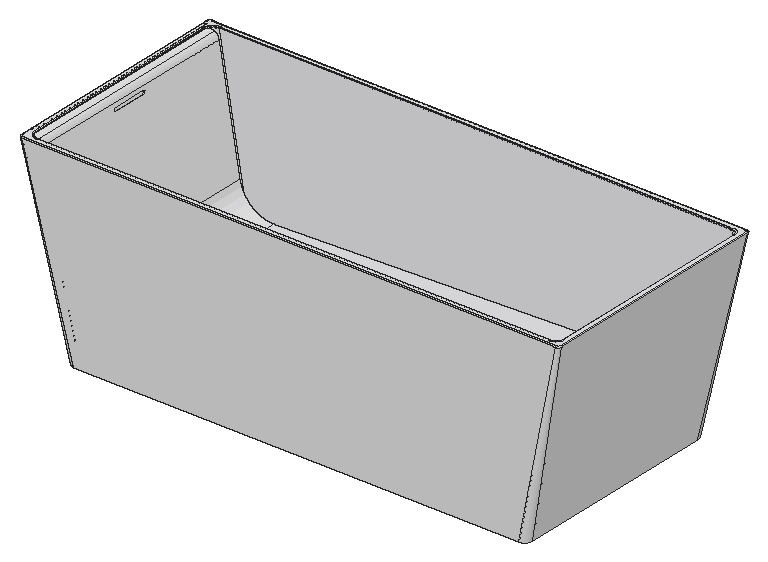
Revit family "Bath-Freestanding-KOHLER-EVOK-K-25314T", category Plumbing Fixtures, host Face, Revit 2021
Family settings
  Host = Face
  Round Connector Dimension = Use Diameter
  Part Type = Normal
  OmniClass Number = 23.31.15.00
  OmniClass Title = Bathtubs
  Cut with Voids When Loaded = No
  Shared = No
  Room Calculation Point = No
Parameters (values of type "0-White")
  Width = 29 133/256"  # constant formula
  WaterSense Certified = 1 = 0  # no
  Waste Water Outlet = "Waste Water Outlet"  # constant formula
  Waste Connection = 1 = 1  # yes
  Vent Connection = 1 = 0  # no
  URL = "http://www.kohler.com.cn/"
  Type = 1
  Product Page URL = "https://www.kohler.com.cn/product/K-25314T/K-25314T-0/"
  Product Name = "Evok"  # constant formula
  Product Documentation Link = "https://files.kohler.com.cn/pdfs/1590549890118_25314-sms.pdf"
  Model = "K-25314T-0"  # constant formula
  Material = "Lithocast"  # constant formula
  Master Format 2014 Name = "Residential Bathtubs"  # constant formula
  Master Format 2014 = "22 41 19"  # constant formula
  Manufacturer Address = "Kohler Beijing Office (100016)36-2-03-B, No. 88, Liuxiang Road, Beijing"  # constant formula
  Manufacturer = "Kohler Co."  # constant formula
  Length = 66 123/128"  # constant formula
  Hot Water Inlet = "Hot Water Inlet"  # constant formula
  Height = 24 27/128"  # constant formula
  HW Connection = 1 = 0  # no
  Finish = Kohler-Lithocast-0-White
  Environmental Product Declaration = ""
  Drain Included = 1 = 1  # yes
  Description = "1.7m rectangular beautiful stone bathtub (including drainage)"  # constant formula
  Default Elevation = 0"
  Declare Label = ""
  Date Modified = "05/11/2023"  # constant formula
  Date Created = "05/11/2023"  # constant formula
  Copyright = "Copyright Kohler Co."  # constant formula
  Contact Us = "http://www.kohler.com.cn/contact/contact-us/"
  Cold Water Inlet = "Cold Water Inlet"  # constant formula
  CW Connection = 1 = 0  # no
  Assembly Code = "D2010500"
  ADA Compliant = 1 = 0  # no
Reference planes (in)
  plane 1 "Center (Front/Back)": y = 0
  plane 2: z = 0
  plane 3 "Center (Left/Right)": x = 0
  plane 4: x = -33.480315
  plane 5: y = 14.7596887
  plane 6: y = 14.0511811
  plane 7: y = 13.4133858
  plane 8: x = -32.7519685
  plane 9: x = -30.8867159
  plane 10: x = -19.7165354
  plane 11: x = 33.4806225
  plane 12: x = 32.7519685
  plane 13: x = 27.7156463
  plane 14: y = -14.7598425
  plane 15: y = -14.0511811
  plane 16: y = -13.4133858
  plane 17: z = 24.2109375
  plane 18: z = 2.7559055
  plane 19: z = 22.2424336
  plane 20: z = 0.1968504
Dimensions and locks (in)
  "Width": plane 14 to plane 5
  plane 14 to plane 1 "Center (Front/Back)" = 14.75984"
  plane 4 to plane 10 = 13.76378"
  "Length": plane 4 to plane 11
  plane 4 to plane 8 = 0.72835"
  plane 8 to plane 12 = 65.50394"
  plane 9 to plane 13 = 58.60236"
  plane 16 to plane 7 = 26.82677"
  plane 15 to plane 6 = 28.10236"
  "Height": plane 17 to level
  plane 17 to plane 19 = 1.9685"
  plane 18 to level = 2.75591"
  plane 20 to level = 0.19685"
  aligned and locked: plane 2 to host face
  aligned and locked: level to host face
  aligned and locked: plane 3 "Center (Left/Right)" to nested 1
  aligned and locked: plane 1 "Center (Front/Back)" to nested 1
Automatic sketch dimensions
  host sketch curve to host sketch curve = 96"  (x2)
Nested families (in)
  nested 1: "K-25314T" at (0, 0, 0), type "K-25314T"
Connectors (in)
  piping at (-19.7165354, 0, 2.7559055), diameter 1.0234375, driven by "Waste Connection", driven by "Waste Water Outlet"
    settings: on nested 1, index 1, connector inside diameter 24", connector length 0", flow factor 0, pipe flow 0 GPM, pressure drop 0.00 psi, fitting loss kfactor 0, connector angle 0.00°, fixture units 0, engagement length 0", angle of deflection 0.00°, flow configuration 0, flow direction 2, fitting loss method 0, system type 16, joint type 0, gender type 0, connector reference index -1, connector utility 1, adjustable connector no, is connector primary yes, connector description "Waste Water Outlet"
Definition of nested family "K-25314T"
  Parameters (values of type "K-25314T")
    Material = none
    Finish = none
    Default Elevation = 0"
  Reference planes (in)
    plane 1 "Center (Front/Back)": y = 0
    plane 2: z = 0
    plane 3 "Center (Left/Right)": x = 0
    plane 4: x = -33.480315
    plane 5: x = 33.480315
    plane 6: y = 14.7598425
    plane 7: y = -14.7598425
    plane 8: x = -32.7519685
    plane 9: x = 32.7519685
    plane 10: x = -19.7165354
    plane 11: y = 13.4133858
    plane 12: y = 14.0511811
    plane 13: y = -13.4133858
    plane 14: y = -14.0511811
    plane 15: x = 27.7156463
    plane 16: x = -30.8867159
    plane 17: z = 24.2125984
    plane 18 "A": through (-31.8069736, -180, 22.9178901) normal (0.9781, 0, 0.2079)
    plane 19 "B": through (-24.4109478, -180, 5.3039783) normal (-0.0334, 0, 0.9994)
    plane 20: z = 2.7559055
  Forms (in)
    Blend 1, solid, material <- "Material", detail levels medium+fine
      base sketch origin (0, 0, 0) x (1, 0, 0) y (0, 1, 0)
        loop
          arc (33.3858737, 14.3673404) -> (33.2709847, 14.644707) -> (32.993618, 14.7595961) r 0.3922557
          line (32.993618, 14.7595961) -> (-33.1826872, 14.7595961)
          arc (-33.1826872, 14.7595961) -> (-33.4579839, 14.6455645) -> (-33.5720155, 14.3702678) r 0.3893283
          line (-33.5720155, 14.3702678) -> (-33.5720155, -14.3694243)
          arc (-33.5720155, -14.3694243) -> (-33.4581295, -14.6443694) -> (-33.1831844, -14.7582554) r 0.3888311
          line (-33.1831844, -14.7582554) -> (32.9964077, -14.7582554)
          arc (32.9964077, -14.7582554) -> (33.2718018, -14.6441835) -> (33.3858737, -14.3687894) r 0.389466
          line (33.3858737, -14.3687894) -> (33.3858737, 14.3673404)
      top sketch origin (0, 0, 0) x (1, 0, 0) y (0, 1, 0)
        loop
          arc (-27.5033281, 13.7585396) -> (-28.1992993, 13.4702588) -> (-28.48758, 12.7742876) r 0.984252
          line (-28.48758, 12.7742876) -> (-28.48758, -12.7799654)
          arc (-28.48758, -12.7799654) -> (-28.1992993, -13.4759367) -> (-27.5033281, -13.7642174) r 0.984252
          line (-27.5033281, -13.7642174) -> (27.5187959, -13.7642174)
          arc (27.5187959, -13.7642174) -> (28.2147671, -13.4759367) -> (28.5030478, -12.7799654) r 0.984252
          line (28.5030478, -12.7799654) -> (28.5030478, 12.7742876)
          arc (28.5030478, 12.7742876) -> (28.2147671, 13.4702588) -> (27.5187959, 13.7585396) r 0.984252
          line (27.5187959, 13.7585396) -> (-27.5033281, 13.7585396)
      from 24.1153163 to 0.1968504
    Blend 2, void
      base sketch origin (0, 0, 0) x (1, 0, 0) y (0, 1, 0)
        loop
          line (32.6627331, -13.300621) -> (32.6627331, 13.2287303)
          arc (32.6627331, 13.2287303) -> (32.4237266, 13.8057431) -> (31.8467138, 14.0447496) r 0.8160193
          line (31.8467138, 14.0447496) -> (-31.8467138, 14.0447496)
          arc (-31.8467138, 14.0447496) -> (-32.5486719, 13.753989) -> (-32.8394325, 13.0520309) r 0.9927187
          line (-32.8394325, 13.0520309) -> (-32.8394325, -13.050621)
          arc (-32.8394325, -13.050621) -> (-32.5486719, -13.7525791) -> (-31.8467138, -14.0433396) r 0.9927187
          line (-31.8467138, -14.0433396) -> (31.9200144, -14.0433396)
          arc (31.9200144, -14.0433396) -> (32.4451958, -13.8258024) -> (32.6627331, -13.300621) r 0.7427187
      top sketch origin (0, 0, 0) x (1, 0, 0) y (0, 1, 0)
        loop
          line (-27.2056136, -13.2165354) -> (27.3219455, -13.2165354)
          arc (27.3219455, -13.2165354) -> (28.0179167, -12.9282547) -> (28.3061974, -12.2322835) r 0.984252
          line (28.3061974, -12.2322835) -> (28.3061974, 12.2322835)
          arc (28.3061974, 12.2322835) -> (28.0179167, 12.9282547) -> (27.3219455, 13.2165354) r 0.984252
          line (27.3219455, 13.2165354) -> (-27.2056136, 13.2165354)
          arc (-27.2056136, 13.2165354) -> (-27.9015848, 12.9282547) -> (-28.1898656, 12.2322835) r 0.984252
          line (-28.1898656, 12.2322835) -> (-28.1898656, -12.2322835)
          arc (-28.1898656, -12.2322835) -> (-27.9015848, -12.9282547) -> (-27.2056136, -13.2165354) r 0.984252
      from 24.1153163 to 2.3443308
    Extrusion 3, solid, material <- "Material", detail levels medium+fine
      sketch origin (0, 0, 0) x (1, 0, 0) y (0, 0, 1)
        loop
          arc (-24.4109478, 5.3039783) -> (-27.2243734, 6.2216437) -> (-28.7916164, 8.7318673) r 4.3307087
          line (-28.7916164, 8.7318673) -> (-31.8031562, 22.9000484)
          arc (-31.8031562, 22.9000484) -> (-31.958383, 23.3359642) -> (-32.2224784, 23.7159269) r 1.749251
          arc (-32.2224784, 23.7159269) -> (-32.7816897, 24.1004078) -> (-33.4531558, 24.1987748) r 1.4984448
          line (-33.4531558, 24.1987748) -> (-29.6590918, 7.8328132)
          arc (-29.6590918, 7.8328132) -> (-28.293318, 5.7108994) -> (-25.8906825, 4.9394081) r 3.7401575
          line (-25.8906825, 4.9394081) -> (27.4065012, 6.7199191)
          arc (27.4065012, 6.7199191) -> (29.1410738, 7.3766793) -> (30.1132742, 8.9562054) r 2.8740157
          line (30.1132742, 8.9562054) -> (30.436775, 10.3815275) -> (30.2051673, 10.3815275) -> (29.8981871, 9.0289935)
          arc (29.8981871, 9.0289935) -> (29.0325292, 7.6225661) -> (27.4880467, 7.0377797) r 2.5590551
          line (27.4880467, 7.0377797) -> (-24.4109478, 5.3039783)
      from -17.8027135 to 19.3184066
    Extrusion 4, void
      sketch origin (0, 0, 0) x (0, 1, 0) y (0, 0, 1)
        loop
          line (14.7327076, 32.5180793) -> (13.2165354, 2.3443308) -> (-13.2165354, 2.3443308) -> (-14.5645547, 29.1716226) -> (-25.515748, 29.1716226) -> (-25.515748, -3.7023931) -> (20.1535433, -3.7023931) -> (20.1535433, 32.5180793) -> (14.7327076, 32.5180793)
      from -36.7345585 to 38.3776743
    Blend 5, void
      base sketch origin (0, 0, 0) x (1, 0, 0) y (0, 1, 0)
        loop
          line (-32.2657241, 14.6986521) -> (-34.0373777, 14.6986521) -> (-34.0373777, 12.8826332) -> (-33.4450606, 12.8826332)
          arc (-33.4450606, 12.8826332) -> (-33.2131754, 14.0229897) -> (-32.2657241, 14.6986521) r 1.5871545
      top sketch origin (0, 0, 0) x (1, 0, 0) y (0, 1, 0)
        loop
          line (-30.0890789, 14.4005) -> (-30.8764804, 14.4005) -> (-30.8764804, 13.5675739) -> (-30.5644754, 13.5675739)
          arc (-30.5644754, 13.5675739) -> (-30.3884301, 14.0192257) -> (-30.0890789, 14.4005) r 1.6550711
      from 24.8720937 to 9.8425197
    Blend 6, void
      base sketch origin (0, 0, 0) x (1, 0, 0) y (0, 1, 0)
        loop
          arc (-32.2657241, -14.6986521) -> (-33.2131754, -14.0229897) -> (-33.4450606, -12.8826332) r 1.5871545
          line (-33.4450606, -12.8826332) -> (-34.0373777, -12.8826332) -> (-34.0373777, -14.6986521) -> (-32.2657241, -14.6986521)
      top sketch origin (0, 0, 0) x (1, 0, 0) y (0, 1, 0)
        loop
          arc (-30.0890789, -14.4005) -> (-30.3884301, -14.0192257) -> (-30.5644754, -13.5675739) r 1.6550711
          line (-30.5644754, -13.5675739) -> (-30.8764804, -13.5675739) -> (-30.8764804, -14.4005) -> (-30.0890789, -14.4005)
      from 24.8720937 to 9.8425197
    Extrusion 7, void
      sketch origin (-25.7712721, 0, -5.477853) x (-0.207912, 0, 0.978148) y (0, -1, 0)
        loop
          arc (28.5784906, 2.1561329) -> (28.3322523, 2.4023713) -> (28.086014, 2.1561329) r 0.2462383
          line (28.086014, 2.1561329) -> (28.086014, -2.1618935)
          arc (28.086014, -2.1618935) -> (28.3322523, -2.4081318) -> (28.5784906, -2.1618935) r 0.2462383
          line (28.5784906, -2.1618935) -> (28.5784906, 2.1561329)
      from -0.2968725 to 0.7786939
    Revolve 8, void
      sketch origin (0, 0, 0) x (1, 0, 0) y (0, 0, 1)
        loop
          line (-22.3767224, 4.958943) -> (-21.1660925, 4.958943) -> (-21.1417381, 4.2299276) -> (-19.6770499, 4.2788587) -> (-19.7165354, 5.4608055) -> (-22.5801454, 5.3651403)
          arc (-22.5801454, 5.3651403) -> (-22.4367221, 5.3098986) -> (-22.3767224, 5.1683996) r 0.1968504
          line (-22.3767224, 5.1683996) -> (-22.3767224, 4.958943)
        axis (-19.6770499, 4.2788587) -> (-19.7165354, 5.4608055)
      angle from 0 to 360
    Revolve 9, solid, material <- "Material", detail levels medium+fine
      sketch origin (0, 0, 0) x (1, 0, 0) y (0, 0, 1)
        loop
          line (-19.7192421, 2.2315515) -> (-19.7192421, 5.4258707) -> (-22.2480473, 5.4258707)
          arc (-22.2480473, 5.4258707) -> (-22.294868, 5.406477) -> (-22.3142618, 5.3596562) r 0.0662145
          line (-22.3142618, 5.3596562) -> (-22.3142618, 5.2241334)
          arc (-22.3142618, 5.2241334) -> (-22.2930772, 5.1729894) -> (-22.2419332, 5.1518048) r 0.0723285
          line (-22.2419332, 5.1518048) -> (-20.6943458, 5.1518048) -> (-20.6943458, 4.7164539) -> (-20.0681452, 4.7164539) -> (-20.0681452, 2.2315515) -> (-19.7192421, 2.2315515)
        axis (-19.7192421, 2.2315515) -> (-19.7192421, 5.4258707)
      angle from 0 to 360
    Extrusion 10, void
      sketch origin (0, 0, 0) x (1, 0, 0) y (0, 1, 0)
        loop
          arc (-28.0938792, -12.1894143) -> (-27.9209108, -12.606997) -> (-27.5033281, -12.7799654) r 0.5905512
          line (-27.5033281, -12.7799654) -> (27.5187959, -12.7799654)
          arc (27.5187959, -12.7799654) -> (27.9363786, -12.606997) -> (28.109347, -12.1894143) r 0.5905512
          line (28.109347, -12.1894143) -> (28.109347, 12.1837364)
          arc (28.109347, 12.1837364) -> (27.9363786, 12.6013192) -> (27.5187959, 12.7742876) r 0.5905512
          line (27.5187959, 12.7742876) -> (-27.5033281, 12.7742876)
          arc (-27.5033281, 12.7742876) -> (-27.9209108, 12.6013192) -> (-28.0938792, 12.1837364) r 0.5905512
          line (-28.0938792, 12.1837364) -> (-28.0938792, -12.1894143)
      from -2.3043201 to 4.1675529
    Extrusion 11, void
      sketch origin (0, 0, 0) x (1, 0, 0) y (0, 0, 1)
        loop
          line (-24.4708982, 2.7559055) -> (-24.4708982, 1.5748031) -> (-14.6283785, 1.5748031) -> (-14.6283785, 2.7559055) -> (-24.4708982, 2.7559055)
      from -4.0044004 to 9.8425197
    Extrusion 12, solid, material <- "Material", detail levels medium+fine
      sketch origin (0, 0, 0) x (1, 0, 0) y (0, 1, 0)
        loop
          line (-19.7192421, -8.6614173) -> (-16.9633366, -8.6614173) -> (-16.9633366, -5.9055118) -> (-19.7192421, -5.9055118) -> (-19.7192421, -8.6614173)
        loop
          line (-19.7192421, 5.9055118) -> (-16.9633366, 5.9055118) -> (-16.9633366, 8.6614173) -> (-19.7192421, 8.6614173) -> (-19.7192421, 5.9055118)
        loop
          line (11.7768209, -8.6614173) -> (14.5327264, -8.6614173) -> (14.5327264, -5.9055118) -> (11.7768209, -5.9055118) -> (11.7768209, -8.6614173)
        loop
          line (11.7768209, 5.9055118) -> (14.5327264, 5.9055118) -> (14.5327264, 8.6614173) -> (11.7768209, 8.6614173) -> (11.7768209, 5.9055118)
      from 0 to 9.4477087
    Extrusion 13, void
      sketch origin (0, 0, 0) x (1, 0, 0) y (0, 0, 1)
        loop
          line (-23.3694698, 5.0236348) -> (22.2912446, 6.5490326) -> (22.2912446, 10.8267717) -> (-23.3694698, 10.8267717) -> (-23.3694698, 5.0236348)
      from -10.3854298 to 9.8425197
    Blend 14, solid, material <- "Material", detail levels coarse
      base sketch origin (0, 0, 0) x (1, 0, 0) y (0, 1, 0)
        loop
          line (-33.480315, 14.7598425) -> (-33.480315, -14.7598425) -> (33.480315, -14.7598425) -> (33.480315, 14.7598425) -> (-33.480315, 14.7598425)
      top sketch origin (0, 0, 0) x (1, 0, 0) y (0, 1, 0)
        loop
          line (28.5030478, -13.7642174) -> (28.5030478, 13.7585396) -> (-28.48758, 13.7585396) -> (-28.48758, -13.7642174) -> (28.5030478, -13.7642174)
      from 24.2125984 to 0
    Blend 15, void
      base sketch origin (0, 0, 0) x (1, 0, 0) y (0, 1, 0)
        loop
          line (32.6627331, 13.9724409) -> (-32.2905868, 13.9724409) -> (-32.2905868, -13.9724409) -> (32.6627331, -13.9724409) -> (32.6627331, 13.9724409)
      top sketch origin (0, 0, 0) x (1, 0, 0) y (0, 1, 0)
        loop
          line (-28.0938792, 13.3648388) -> (-28.0938792, -13.3705166) -> (28.109347, -13.3705166) -> (28.109347, 13.3648388) -> (-28.0938792, 13.3648388)
      from 24.2125984 to 5.1518048
    Extrusion 16, solid, material <- "Material", detail levels medium+fine
      sketch origin (0, 0, 0) x (1, 0, 0) y (0, 1, 0)
        loop
          circle (-19.7165354, 0) r 0.1968504
      from 2.7559055 to 2.8788266
    Extrusion 17, solid, material <- "Material", detail levels medium+fine
      sketch origin (0, 0, 0) x (1, 0, 0) y (0, 1, 0)
        loop
          arc (-19.796357, -3.5434954) -> (-16.2530499, -0.0001883) -> (-19.796357, 3.5431188) r 3.5433071
          line (-19.796357, 3.5431188) -> (-28.7472797, 3.5431188) -> (-28.7472797, -3.5434954) -> (-19.796357, -3.5434954)
      from 2.8788266 to 4.9101766
    Sweep 18, solid, material <- "Material", detail levels medium+fine
      path origin (-0.0950932, 0.000705, 0) x (1, 0, 0) y (0, 1, 0)
        loop
          arc (-31.7516206, 14.051326) -> (-32.4587274, 13.7584327) -> (-32.7516206, 13.051326) r 1
          line (-32.7516206, 13.051326) -> (-32.7516206, -13.051326)
          arc (-32.7516206, -13.051326) -> (-32.4587274, -13.7584327) -> (-31.7516206, -14.051326) r 1
          line (-31.7516206, -14.051326) -> (32.0151076, -14.051326)
          arc (32.0151076, -14.051326) -> (32.5454377, -13.831656) -> (32.7651076, -13.301326) r 0.75
          line (32.7651076, -13.301326) -> (32.7651076, 13.2280253)
          arc (32.7651076, 13.2280253) -> (32.5239684, 13.8101868) -> (31.941807, 14.051326) r 0.8233006
          line (31.941807, 14.051326) -> (-31.7516206, 14.051326)
      profile origin (32.6700144, -0.0359453, 0) x (1, 0, 0) y (0, 0, 1)
        loop
          line (0, 24.1500249) -> (-0.0072813, 24.1153163) -> (0.3505266, 24.1153163) -> (0.3505266, 24.2125984) -> (0.0770627, 24.2125984)
          arc (0.0770627, 24.2125984) -> (0.0274287, 24.1949851) -> (0, 24.1500249) r 0.0787402
    Sweep 19, solid, material <- "Material", detail levels medium+fine
      path origin (-0.0950932, 0.000705, 0) x (1, 0, 0) y (0, 1, 0)
        loop
          arc (-33.087594, 14.7603363) -> (-33.3639126, 14.6458814) -> (-33.4783675, 14.3695629) r 0.3907735
          line (-33.4783675, 14.3695629) -> (-33.4783675, -14.3701293)
          arc (-33.4783675, -14.3701293) -> (-33.3640582, -14.6460963) -> (-33.0880912, -14.7604056) r 0.3902763
          line (-33.0880912, -14.7604056) -> (33.0915009, -14.7604056)
          arc (33.0915009, -14.7604056) -> (33.3679169, -14.6459104) -> (33.4824121, -14.3694944) r 0.3909112
          line (33.4824121, -14.3694944) -> (33.4824121, 14.3666354)
          arc (33.4824121, 14.3666354) -> (33.3670998, 14.645024) -> (33.0887112, 14.7603363) r 0.3937009
          line (33.0887112, 14.7603363) -> (-33.087594, 14.7603363)
      profile origin (33.387319, -0.0007245, 0) x (1, 0, 0) y (0, 0, 1)
        loop
          line (-0.1461088, 24.2125984) -> (-0.1461088, 24.1153163) -> (-0.0015902, 24.1153163)
          arc (-0.0015902, 24.1153163) -> (-0.0175392, 24.1827139) -> (-0.080019, 24.2125984) r 0.0802556
          line (-0.080019, 24.2125984) -> (-0.1461088, 24.2125984)
    Extrusion 20, solid, material <- "Material", detail levels medium+fine
      sketch origin (-0.0950932, 0.000705, 0) x (1, 0, 0) y (0, 1, 0)
        loop
          arc (33.3363034, 14.3666354) -> (33.2637853, 14.5417095) -> (33.0887112, 14.6142276) r 0.2475922
          line (33.0887112, 14.6142276) -> (-33.087594, 14.6142276)
          arc (-33.087594, 14.6142276) -> (-33.2605981, 14.542567) -> (-33.3322588, 14.3695629) r 0.2446647
          line (-33.3322588, 14.3695629) -> (-33.3322588, -14.3701293)
          arc (-33.3322588, -14.3701293) -> (-33.2607437, -14.5427818) -> (-33.0880912, -14.6142968) r 0.2441676
          line (-33.0880912, -14.6142968) -> (33.0915009, -14.6142968)
          arc (33.0915009, -14.6142968) -> (33.2646024, -14.5425959) -> (33.3363034, -14.3694944) r 0.2448025
          line (33.3363034, -14.3694944) -> (33.3363034, 14.3666354)
        loop
          arc (33.1156342, 13.2280253) -> (32.7718281, 14.0580465) -> (31.941807, 14.4018525) r 1.1738272
          line (31.941807, 14.4018525) -> (-31.7516206, 14.4018525)
          arc (-31.7516206, 14.4018525) -> (-32.7065871, 14.0062924) -> (-33.1021472, 13.051326) r 1.3505266
          line (-33.1021472, 13.051326) -> (-33.1021472, -13.051326)
          arc (-33.1021472, -13.051326) -> (-32.7065871, -14.0062924) -> (-31.7516206, -14.4018525) r 1.3505266
          line (-31.7516206, -14.4018525) -> (32.0151076, -14.4018525)
          arc (32.0151076, -14.4018525) -> (32.7932974, -14.0795158) -> (33.1156342, -13.301326) r 1.1005266
          line (33.1156342, -13.301326) -> (33.1156342, 13.2280253)
      from 24.1153163 to 24.2125984
  Cuts and joins
    Blend 2, Extrusion 10 cuts Blend 1
    Extrusion 4, Blend 5, Blend 6, Extrusion 7, Revolve 8 cuts Extrusion 3
    Extrusion 11 cuts Revolve 9
    Extrusion 13 cuts Extrusion 12
    joined: Extrusion 12, Sweep 18, Sweep 19, Extrusion 20
    Blend 15 cuts Blend 14
  Lines and regions (in)
    Masking region 1
      outline origin (0, 0, 0) x (1, 0, 0) y (0, 1, 0)
        loop
          arc (-32.496063, 14.7598425) -> (-33.1920342, 14.4715618) -> (-33.480315, 13.7755906) r 0.984252
          line (-33.480315, 13.7755906) -> (-33.480315, -13.7755906)
          arc (-33.480315, -13.7755906) -> (-33.1920342, -14.4715618) -> (-32.496063, -14.7598425) r 0.984252
          line (-32.496063, -14.7598425) -> (32.496063, -14.7598425)
          arc (32.496063, -14.7598425) -> (33.1920342, -14.4715618) -> (33.480315, -13.7755906) r 0.984252
          line (33.480315, -13.7755906) -> (33.480315, 13.7755906)
          arc (33.480315, 13.7755906) -> (33.1920342, 14.4715618) -> (32.496063, 14.7598425) r 0.984252
          line (32.496063, 14.7598425) -> (-32.496063, 14.7598425)
    Masking region 2
      outline origin (0, 0, 0) x (1, 0, 0) y (0, 0, 1)
        loop
          line (-33.4791905, 24.1280793) -> (-28.48758, 0.1968504) -> (-19.7165354, 0.1968504) -> (-19.7165354, 0) -> (-16.9633366, 0) -> (-16.9633366, 0.1968504) -> (11.7768209, 0.1968504) -> (11.7768209, 0) -> (14.5327264, 0) -> (14.5327264, 0.1968504) -> (28.5030478, 0.1968504) -> (33.4784346, 24.1085322)
          arc (33.4784346, 24.1085322) -> (33.4608637, 24.1806956) -> (33.3937929, 24.2125984) r 0.0864545
          line (33.3937929, 24.2125984) -> (-33.4104815, 24.2125984)
          arc (-33.4104815, 24.2125984) -> (-33.4649435, 24.186685) -> (-33.4791905, 24.1280793) r 0.0701877
    Masking region 3
      outline origin (0, 0, 0) x (0, 1, 0) y (0, 0, 1)
        loop
          line (14.5382845, 24.2125984) -> (-14.5382845, 24.2125984)
          arc (-14.5382845, 24.2125984) -> (-14.6979228, 24.1445106) -> (-14.7592784, 23.9821659) r 0.2211872
          line (-14.7592784, 23.9821659) -> (-13.7642174, 0.1968504) -> (-8.6614173, 0.1968504) -> (-8.6614173, 0) -> (-5.9055118, 0) -> (-5.9055118, 0.1968504) -> (5.9055118, 0.1968504) -> (5.9055118, 0) -> (8.6614173, 0) -> (8.6614173, 0.1968504) -> (13.7642174, 0.1968504) -> (14.7592784, 23.9821659)
          arc (14.7592784, 23.9821659) -> (14.6979228, 24.1445106) -> (14.5382845, 24.2125984) r 0.2211872
    symbolic lines, detail levels medium+fine
      curve 1: line (-19.7165354, 0, 0.1968504) -> (-16.9633366, 0, 0.1968504)
      curve 2: line (14.5327264, 0, 0.1968504) -> (11.7768209, 0, 0.1968504)
      curve 3: line (0, 8.6614173, 0.1968504) -> (0, 5.9055118, 0.1968504)
      curve 4: line (0, -8.6614173, 0.1968504) -> (0, -5.9055118, 0.1968504)
      curve 5: arc (-32.496063, 14.0511042, 0) -> (-32.6770155, 13.9761512, 0) -> (-32.7519685, 13.7951987, 0) r 0.2559055
      curve 6: line (-32.7519685, 13.7951987, 0) -> (-32.7519685, -13.7940453, 0)
      curve 7: arc (-32.7519685, -13.7940453, 0) -> (-32.6770155, -13.9749978, 0) -> (-32.496063, -14.0499508, 0) r 0.2559055
      curve 8: line (-32.496063, -14.0499508, 0) -> (32.4479869, -14.0499508, 0)
      curve 9: line (32.7519685, -13.7459692, 0) -> (32.7519685, 13.7755906, 0)
      curve 10: arc (32.7519685, 13.7755906, 0) -> (32.6770155, 13.9565431, 0) -> (32.496063, 14.0314961, 0) r 0.2559055
      curve 11: line (32.496063, 14.0511042, 0) -> (-32.496063, 14.0511042, 0)
      curve 13: spline (-19.7027539, 2.6754603, 0) -> (-19.0106799, 2.5842962, 0) -> (-18.3657696, 2.3170166, 0) -> (-17.8119725, 1.8918361, 0) -> (-17.3870291, 1.3377301, 0) -> (-17.1198985, 0.6924601, 0) -> (-17.0287853, 0, 0) -> (-17.1198985, -0.6924601, 0) -> (-17.3870291, -1.3377301, 0) -> (-17.8119725, -1.8918361, 0) -> (-18.3657696, -2.3170166, 0) -> (-19.0106799, -2.5842962, 0) -> (-19.7027539, -2.6754603, 0) -> (-20.3948279, -2.5842962, 0) -> (-21.0397382, -2.3170166, 0) -> (-21.5935352, -1.8918361, 0) -> (-22.0184786, -1.3377301, 0) -> (-22.2856092, -0.6924601, 0) -> (-22.3767224, 0, 0) -> (-22.2856092, 0.6924601, 0) -> (-22.0184786, 1.3377301, 0) -> (-21.5935352, 1.8918361, 0) -> (-21.0397382, 2.3170166, 0) -> (-20.3948279, 2.5842962, 0) -> (-19.7027539, 2.6754603, 0)
      curve 22: line (-29.902464, 13.4133858, 0) -> (-29.902464, -13.4133858, 0)
      curve 23: line (-30.8867159, 12.4291339, 0) -> (27.7156463, 12.4291339, 0)
      curve 24: line (26.7313943, 13.4133858, 0) -> (26.7313943, -13.4133858, 0)
      curve 25: line (27.7156463, -12.4291339, 0) -> (-30.8867159, -12.4291339, 0)
      curve 26: line (26.7313943, 13.4133858, 0) -> (32.496063, 14.0314961, 0)
      curve 27: line (27.7156463, 12.4291339, 0) -> (32.7519685, 13.7755906, 0)
      curve 28: line (27.7156463, -12.4291339, 0) -> (32.7519685, -13.7755906, 0)
      curve 29: line (26.7313943, -13.4133858, 0) -> (32.4703425, -14.0491276, 0)
      curve 30: line (-32.1614173, 13.4133858, 0) -> (-32.1614173, -13.4133858, 0)
      curve 31: line (-29.902464, 13.4133858, 0) -> (-31.6807322, 14.0511042, 0)
      curve 32: line (-30.8867159, 12.4291339, 0) -> (-32.1614173, 13.4133858, 0)
      curve 33: line (-32.1614173, 13.4133858, 0) -> (-32.7519685, 13.5175159, 0)
      curve 34: line (-30.8867159, -12.4291339, 0) -> (-32.1614173, -13.4133858, 0)
      curve 35: line (-32.1614173, -13.4133858, 0) -> (-32.7519685, -13.5175159, 0)
      curve 36: line (-29.902464, -13.4133858, 0) -> (-31.6828223, -14.0499508, 0)
      curve 37: arc (-32.1614173, -13.4133858, 0) -> (-32.0284221, -13.8115906, 0) -> (-31.6828223, -14.0499508, 0) r 0.6626355
      curve 38: arc (-31.6807322, 14.0511042, 0) -> (-32.0277866, 13.8126799, 0) -> (-32.1614173, 13.4133858, 0) r 0.6633687
      curve 43: arc (32.4479869, -14.0499508, 0) -> (32.6629344, -13.9609166, 0) -> (32.7519685, -13.7459692, 0) r 0.3039816
    symbolic lines
      curve 12: spline (-19.7060193, 2.9527559, 0) -> (-20.4698227, 2.8521432, 0) -> (-21.1815741, 2.5571616, 0) -> (-21.7927689, 2.0879137, 0) -> (-22.2617552, 1.476378, 0) -> (-22.5565723, 0.7642295, 0) -> (-22.6571289, 0, 0) -> (-22.5565723, -0.7642295, 0) -> (-22.2617552, -1.476378, 0) -> (-21.7927689, -2.0879137, 0) -> (-21.1815741, -2.5571616, 0) -> (-20.4698227, -2.8521432, 0) -> (-19.7060193, -2.9527559, 0) -> (-18.942216, -2.8521432, 0) -> (-18.2304645, -2.5571616, 0) -> (-17.6192697, -2.0879137, 0) -> (-17.1502835, -1.476378, 0) -> (-16.8554664, -0.7642295, 0) -> (-16.7549098, 0, 0) -> (-16.8554664, 0.7642295, 0) -> (-17.1502835, 1.476378, 0) -> (-17.6192697, 2.0879137, 0) -> (-18.2304645, 2.5571616, 0) -> (-18.942216, 2.8521432, 0) -> (-19.7060193, 2.9527559, 0)
      curve 14: line (-29.902464, 13.4133858, 0) -> (26.7313943, 13.4133858, 0)
      curve 15: line (-30.8867159, -12.4291339, 0) -> (-30.8867159, 12.4291339, 0)
      curve 16: line (26.7313943, -13.4133858, 0) -> (-29.902464, -13.4133858, 0)
      curve 17: line (27.7156463, 12.4291339, 0) -> (27.7156463, -12.4291339, 0)
      curve 18: arc (-29.902464, 13.4133858, 0) -> (-30.5984352, 13.1251051, 0) -> (-30.8867159, 12.4291339, 0) r 0.984252
      curve 19: arc (-30.8867159, -12.4291339, 0) -> (-30.5984352, -13.1251051, 0) -> (-29.902464, -13.4133858, 0) r 0.984252
      curve 20: arc (27.7156463, -12.4291339, 0) -> (27.4273655, -13.1251051, 0) -> (26.7313943, -13.4133858, 0) r 0.984252
      curve 21: arc (27.7156463, 12.4291339, 0) -> (27.4273655, 13.1251051, 0) -> (26.7313943, 13.4133858, 0) r 0.984252
      curve 39: line (-31.7130505, -2.1561329, 0) -> (-31.7130505, 2.1618935, 0)
      curve 40: line (-31.6106588, 2.1618935, 0) -> (-31.6106588, -2.1561329, 0)
      curve 41: spline (-31.6106588, -2.1561329, 0) -> (-31.6124033, -2.2198641, 0) -> (-31.6175177, -2.2792521, 0) -> (-31.6256537, -2.3302497, 0) -> (-31.6362567, -2.3693816, 0) -> (-31.6486042, -2.3939809, 0) -> (-31.6618546, -2.4023713, 0) -> (-31.6751051, -2.3939809, 0) -> (-31.6874526, -2.3693816, 0) -> (-31.6980556, -2.3302497, 0) -> (-31.7061915, -2.2792521, 0) -> (-31.711306, -2.2198641, 0) -> (-31.7130505, -2.1561329, 0)
      curve 42: spline (-31.7130505, 2.1618935, 0) -> (-31.711306, 2.2256247, 0) -> (-31.7061915, 2.2850127, 0) -> (-31.6980556, 2.3360103, 0) -> (-31.6874526, 2.3751421, 0) -> (-31.6751051, 2.3997415, 0) -> (-31.6618546, 2.4081318, 0) -> (-31.6486042, 2.3997415, 0) -> (-31.6362567, 2.3751421, 0) -> (-31.6256537, 2.3360103, 0) -> (-31.6175177, 2.2850127, 0) -> (-31.6124033, 2.2256247, 0) -> (-31.6106588, 2.1618935, 0)
  Dimensions and locks (in)
    plane 6 to plane 7 = 29.51969"
    plane 4 to plane 10 = 13.76378"
    plane 8 to plane 9 = 65.50394"
    plane 16 to plane 15 = 58.60236"
    plane 4 to plane 8 = 0.72835"
    plane 11 to plane 13 = 26.82677"
    plane 12 to plane 14 = 28.10236"
    aligned and locked: plane 2 to level
